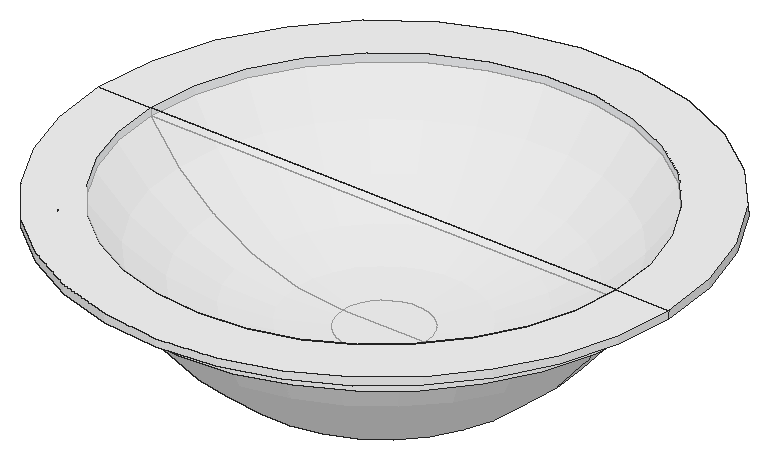
Revit family "0030329 Sylvania Lighting Fixture ST DWNLT 205 IP44 2025LM 840", category Lighting Fixtures, host Face, Revit 2016
Family settings
  Host = Face
  Part Type = Normal
  Round Connector Dimension = Use Diameter
  OmniClass Number = 23.80.70.00
  OmniClass Title = Lighting
  Cut with Voids When Loaded = No
  Light Source = Yes
  Shared = No
  Room Calculation Point = No
Parameters (values of type "0030329 ST DWNLT 205 IP44 2025LM 840")
  Weight = "kg"
  Wattage Comments = ""
  Wattage = 21 W
  WarrantyStartDate [instance] = "n/a"
  WarrantyGuarantorParts = "n/a"
  WarrantyDurationUnit = "n/a"
  WarrantyDurationParts = "n/a"
  WarrantyDescription = "n/a"
  built-in parameter 1150110 = 1 (stored number, unit not read)
  Voltage = 230 V
  URL = "http://www.sylvania-lighting.com"
  TypeName = "ST DWNLT 205 IP44 2025LM 840"
  Type Image = <None>
  Type Comments = "n/a"
  built-in parameter 1114217 = 1 (stored number, unit not read)
  Tilt Angle = -90.00°
  built-in parameter 1150109 = 1 (stored number, unit not read)
  built-in parameter 1150134 = 12
  built-in parameter 1150113 = 1 (stored number, unit not read)
  SerialNumber [instance] = "n/a"
  S_SYL = no
  RadiusTop_SYL = if(S_SYL, 80 mm, if(M_SYL, 100 mm, if(L_SYL, 120 mm, 120 mm)))  # 120 mm
  Photometric Web File = "0030329.ies"
  Material_3_FEILO = Top-Sylvania-STARTDownlight
  PowerFactor = 0.9
  PowerConsumption = "21 W"
  NominalLength = 220 mm
  NominalHeight = 56 mm
  NominalDepth = 220 mm
  Name = "ST DWNLT 205 IP44 2025LM 840"
  ModelReference = Name  # "ST DWNLT 205 IP44 2025LM 840"
  ModelNumber = "0030329"
  Model = Name  # "ST DWNLT 205 IP44 2025LM 840"
  Material = "aluminium housing, polycarbonate diffuser"
  ManufacturerName = "Feilo Sylvania"
  Manufacturer = "Feilo Sylvania"
  M_SYL = no
  LuminousEfficacy = "96 lm/W"
  built-in parameter 1150105 = 1110.3 (stored number, unit not read)
  Lumens = 2016 lm
  LuminaireType = ""
  built-in parameter 1150115 = 1 (stored number, unit not read)
  LightOutputRatio = "100"
  built-in parameter 1150137 = (empty or 0)
  built-in parameter 1150139 = (empty or 0)
  LampsType = Lamp  # "LED"
  LampNominalLuminous = "2025 lm"
  LampMacAdamStep = "5"
  LampColourTemperature = "4000 K"
  LampColourRenderingIndex = "80"
  built-in parameter 1150112 = 1 (stored number, unit not read)
  built-in parameter 1150114 = 1 (stored number, unit not read)
  Lamp = "LED"
  L_SYL = yes
  Keynote = "16500"
  InstallationDate [instance] = "n/a"
  InputVoltage = "220-240V~"
  InputNominalFrequency = "50/60 Hz"
  built-in parameter 1150132 = (empty or 0)
  built-in parameter 1150102 = (empty or 0)
  built-in parameter 1150107 = 4000 (stored number, unit not read)
  built-in parameter 1150138 = (empty or 0)
  IngressProtection = "IP20/44"
  ImpactProtectionIndex = "IK07"
  built-in parameter 1150106 = 11.103 (stored number, unit not read)
  IfcExportType = "IfcLightFixtureType"
  IfcExportAs = "IfcLightFixtureType"
  Height_SYL = if(S_SYL, 41 mm, if(M_SYL, 47 mm, if(L_SYL, 56 mm, 62 mm)))  # 56 mm
  ExpectedLife = 50000
  Emit from Circle Diameter = Diameter_SYL - 40 mm  # 180 mm
  Emit Shape Visible in Rendering = no
  ElectricShockClassification = "Class II"
  built-in parameter 1150104 = 8.9187 (stored number, unit not read)
  DurationUnit = "hours"
  DocumentationLiterature = "http://www.sylvania-lighting.com/product/en-int/products/0030329"
  DimmingControlOptions = "Non dimmable"
  Material_2_FEILO = Diffuser-Sylvania-STARTDownlight
  Dimming Lamp Color Temperature Shift = <None>
  Diameter_SYL = if(S_SYL, 164 mm, if(M_SYL, 193 mm, if(L_SYL, 220 mm, 240 mm)))  # 220 mm
  DiameterTop_SYL = if(S_SYL, 77 mm, if(M_SYL, 81 mm, if(L_SYL, 104 mm, 105 mm)))  # 104 mm
  DiameterRecess_SYL = if(S_SYL, 141 mm, if(M_SYL, 169 mm, if(L_SYL, 198 mm, 216 mm)))  # 198 mm
  Description = ""
  Default Elevation = 1219.2 mm
  CreatedOn = "8/1/2018"
  CreatedBy = "@sylvania-lighting.com"
  Cost = 0
  Color Filter = 16777215
  built-in parameter 1114216 [instance] = (empty or 0)
  ClassificationValue = "EF_70_80"
  ClassificationName = "Uniclass2015"
  Material_1_FEILO = Trim-Sylvania-STARTDownlight-White
  BarCode [instance] = "n/a"
  built-in parameter 1114218 = 1 (stored number, unit not read)
  built-in parameter 1150133 = 10 (stored number, unit not read)
  AssetType = "Fixed"
  AssetIdentifier [instance] = "n/a"
  Assembly Code = "D5020200"
  Apparent Load = 21 VA
  Material_4_FEILO = LED-Sylvania-STARTDownlight
Reference planes
  plane 1 "Center (Front/Back)": y = 0
  plane 2: z = 0
  plane 3 "Center (Left/Right)": x = 0
  plane 4: x = 110
  plane 5: x = -110
  plane 6: z = 3
  plane 7: z = -8
  plane 8: z = -51
  plane 9: z = -53
  plane 10: x = -99
  plane 11: x = 99
  plane 12: x = -52
  plane 13: x = 52
  plane 14: x = -90
  plane 15: x = 90
  plane 16: z = -85
  plane 17: x = -90
  plane 18: z = 2
  plane 19: z = -41
  plane 20: x = -16
Forms (mm)
  Revolve 1, solid
    sketch origin (0, 0, 0) x (1, 0, 0) y (0, 0, 1)
      loop
        line (-110, 3) -> (-110, 0) -> (-99, 0) -> (-99, -8) -> (-90, -8)
        arc (-90, -8) -> (-73.608, -31.805) -> (-52, -51) r 120
        line (-52, -51) -> (0, -51) -> (0, -41) -> (-16, -41)
        arc (-16, -41) -> (-58.3, -30.065) -> (-90, 0) r 87.28
        line (-90, 0) -> (-90, 3) -> (-110, 3)
      axis (0, 3) -> (0, -51)
    angle from 360 to 0
  Revolve 2, void
    sketch origin (0, 0, 0) x (1, 0, 0) y (0, 0, 1)
      loop
        line (0, 0) -> (-99, 0) -> (-99, -85) -> (0, -85) -> (0, 0)
      axis (0, 0) -> (0, -85)
    angle from 360 to 0
  Revolve 3, solid, material "Diffuser-Sylvania-STARTDownlight" <- "Material_2_FEILO"
    sketch origin (0, 0, 0) x (1, 0, 0) y (0, 0, 1)
      loop
        line (-90, 3) -> (-90, 0) -> (0, 0) -> (0, 3) -> (-90, 3)
      axis (0, 3) -> (0, 0)
    angle from 360 to 0
Dimensions and locks
  equal spacing: plane 4, plane 3 "Center (Left/Right)", plane 5
  "Diameter_SYL": plane 4 to plane 5
  equal spacing: plane 11, plane 3 "Center (Left/Right)", plane 10
  equal spacing: plane 13, plane 3 "Center (Left/Right)", plane 12
  "DiameterTop_SYL": plane 13 to plane 12
  equal spacing: plane 15, plane 3 "Center (Left/Right)", plane 14
  locked: plane 6 to plane 2 at 3
  "Height_SYL": plane 6 to plane 9
  locked: plane 8 to plane 9 at 2
  locked: plane 2 to plane 7 at 8
  locked: plane 2 to plane 16 at 85
  locked: plane 17 to plane 5 at 20
  locked: plane 6 to plane 18 at 1
  "DiameterRecess_SYL": plane 11 to plane 10
  locked: plane 19 to plane 8 at 10
  locked: plane 3 "Center (Left/Right)" to plane 20 at 16
  locked: plane 14 to plane 5 at 20
  "RadiusTop_SYL": radius of Revolve 1 sketch curve
  aligned and locked: plane 2 to host face
  aligned and locked: level to host face
  aligned and locked: Revolve 1 sketch curve to plane 5
  aligned and locked: Revolve 1 sketch curve to level
  aligned and locked: plane 7 to Revolve 1 sketch curve
  aligned and locked: Revolve 1 sketch curve to plane 10
  aligned and locked: plane 14 to Revolve 1 sketch curve
  aligned and locked: plane 3 "Center (Left/Right)" to Revolve 1 sketch curve
  aligned and locked: Revolve 1 sketch curve to plane 8
  aligned and locked: Revolve 1 sketch curve to plane 3 "Center (Left/Right)"
  aligned and locked: Revolve 2 sketch curve to plane 3 "Center (Left/Right)"
  aligned and locked: plane 3 "Center (Left/Right)" to Revolve 2 sketch curve
  aligned and locked: Revolve 2 sketch curve to plane 10
  aligned and locked: plane 16 to Revolve 2 sketch curve
  aligned and locked: Revolve 1 sketch curve to plane 6
  aligned and locked: plane 19 to Revolve 1 sketch curve
  aligned and locked: plane 20 to Revolve 1 sketch curve
  aligned and locked: Revolve 1 sketch curve to Revolve 1 sketch curve
  aligned and locked: plane 17 to Revolve 1 sketch curve
  aligned and locked: plane 2 to Revolve 1 sketch curve
  aligned and locked: Revolve 3 sketch curve to plane 3 "Center (Left/Right)"  (x2)
  aligned and locked: plane 3 "Center (Left/Right)" to imposter light
  aligned and locked: imposter light to plane 18
  aligned and locked: imposter light to plane 1 "Center (Front/Back)"
  aligned and locked: plane 14 to Revolve 3 sketch curve
Automatic sketch dimensions
  host sketch curve to host sketch curve = 2438.4 mm  (x2)
  plane 16 to Revolve 2 sketch curve = 524.6 mm
  Revolve 2 sketch curve to plane 6 = 2606.058 mm
  Revolve 1 sketch curve to plane 12 = 0 mm
  plane 16 to Revolve 1 sketch curve = 524.6 mm
  Revolve 1 sketch curve to Revolve 1 sketch curve = 2581.366 mm
  Revolve 2 sketch curve to level = 0 mm
  Revolve 3 sketch curve to plane 6 = 0 mm
  Revolve 3 sketch curve to level = 0 mm
  plane 16 to Revolve 3 sketch curve = 524.6 mm
  Revolve 3 sketch curve to Revolve 3 sketch curve = 2606.058 mm
Connectors
  electrical at (0, 0, 0), driven by "Apparent Load", driven by "PowerFactor", driven by "Voltage"
    settings: index 1, voltage 230 V, apparent load 21 VA, apparent load phase1 0 VA, apparent load phase2 0 VA, apparent load phase3 0 VA, power factor 0.9, load classification "Lighting", number of poles 1, system type 30, power factor state 1, is connector primary yes, connector utility no, sub classification motor no, connector description ""
